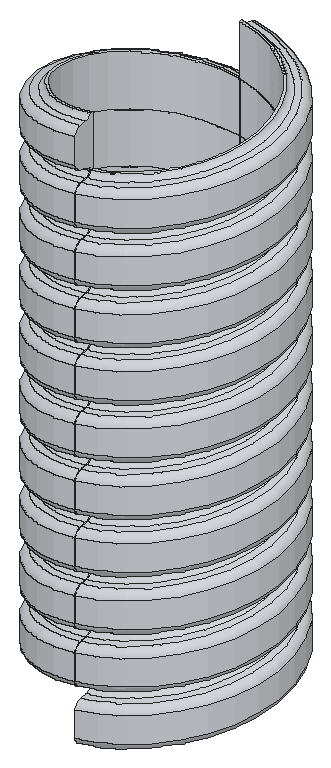
Revit family "110611-00029 Муфта соединительная резьбовая ССД-Пайп 110 мм", category Обобщенные модели, Revit 2019 (continued)
Automatic sketch dimensions
  profile plane to SweptBlend 15 sketch curve = 48.599 mm
  SweptBlend 15 sketch curve to SweptBlend 15 sketch curve = 3.592 mm
  SweptBlend 15 sketch curve to SweptBlend 15 sketch curve = 1.332 mm
  profile plane to SweptBlend 16 sketch curve = 35.16 mm
  SweptBlend 16 sketch curve to SweptBlend 16 sketch curve = 3.951 mm  (x4)
  SweptBlend 16 sketch curve to SweptBlend 16 sketch curve = 0.868 mm
  SweptBlend 16 sketch curve to SweptBlend 16 sketch curve = 4.819 mm  (x3)
  SweptBlend 16 sketch curve to SweptBlend 16 sketch curve = 2.857 mm  (x4)
  SweptBlend 16 sketch curve to SweptBlend 16 sketch curve = 0.608 mm  (x4)
  SweptBlend 16 sketch curve to SweptBlend 16 sketch curve = 3.374 mm  (x4)
  SweptBlend 16 sketch curve to SweptBlend 16 sketch curve = 1.341 mm  (x2)
  profile plane to SweptBlend 16 sketch curve = 48.525 mm
  SweptBlend 16 sketch curve to SweptBlend 16 sketch curve = 0.932 mm
  SweptBlend 16 sketch curve to SweptBlend 16 sketch curve = 0.611 mm  (x4)
  SweptBlend 16 sketch curve to SweptBlend 16 sketch curve = 3.592 mm  (x2)
  SweptBlend 16 sketch curve to SweptBlend 16 sketch curve = 10.901 mm  (x2)
  SweptBlend 16 sketch curve to SweptBlend 16 sketch curve = 1.332 mm  (x2)
  SweptBlend 16 sketch curve to SweptBlend 16 sketch curve = 2.514 mm  (x3)
  profile plane to SweptBlend 16 sketch curve = 33.863 mm
  profile plane to SweptBlend 16 sketch curve = 25.656 mm
  profile plane to SweptBlend 17 sketch curve = 31.209 mm
  SweptBlend 17 sketch curve to SweptBlend 17 sketch curve = 0 mm
  SweptBlend 17 sketch curve to SweptBlend 17 sketch curve = 0.868 mm  (x4)
  SweptBlend 17 sketch curve to SweptBlend 17 sketch curve = 2.857 mm  (x4)
  SweptBlend 17 sketch curve to SweptBlend 17 sketch curve = 0.608 mm  (x4)
  SweptBlend 17 sketch curve to SweptBlend 17 sketch curve = 3.374 mm  (x4)
  SweptBlend 17 sketch curve to SweptBlend 17 sketch curve = 1.341 mm  (x2)
  profile plane to SweptBlend 17 sketch curve = 21.525 mm
  SweptBlend 17 sketch curve to SweptBlend 17 sketch curve = 0.932 mm  (x2)
  SweptBlend 17 sketch curve to SweptBlend 17 sketch curve = 0.611 mm  (x4)
  SweptBlend 17 sketch curve to SweptBlend 17 sketch curve = 4.924 mm  (x2)
  SweptBlend 17 sketch curve to SweptBlend 17 sketch curve = 10.901 mm  (x2)
  SweptBlend 17 sketch curve to SweptBlend 17 sketch curve = 2.514 mm  (x2)
  SweptBlend 17 sketch curve to SweptBlend 17 sketch curve = 4.819 mm
  profile plane to SweptBlend 17 sketch curve = 33.863 mm
  SweptBlend 17 sketch curve to SweptBlend 17 sketch curve = 3.951 mm  (x2)
  profile plane to SweptBlend 17 sketch curve = 48.599 mm
  SweptBlend 17 sketch curve to SweptBlend 17 sketch curve = 3.592 mm
  SweptBlend 17 sketch curve to SweptBlend 17 sketch curve = 1.332 mm
  profile plane to SweptBlend 18 sketch curve = 35.16 mm
  SweptBlend 18 sketch curve to SweptBlend 18 sketch curve = 3.951 mm  (x4)
  SweptBlend 18 sketch curve to SweptBlend 18 sketch curve = 0.868 mm
  SweptBlend 18 sketch curve to SweptBlend 18 sketch curve = 4.819 mm  (x3)
  SweptBlend 18 sketch curve to SweptBlend 18 sketch curve = 2.857 mm  (x4)
  SweptBlend 18 sketch curve to SweptBlend 18 sketch curve = 0.608 mm  (x4)
  SweptBlend 18 sketch curve to SweptBlend 18 sketch curve = 3.374 mm  (x4)
  SweptBlend 18 sketch curve to SweptBlend 18 sketch curve = 1.341 mm  (x2)
  profile plane to SweptBlend 18 sketch curve = 48.525 mm
  SweptBlend 18 sketch curve to SweptBlend 18 sketch curve = 0.932 mm
  SweptBlend 18 sketch curve to SweptBlend 18 sketch curve = 0.611 mm  (x4)
  SweptBlend 18 sketch curve to SweptBlend 18 sketch curve = 3.592 mm  (x2)
  SweptBlend 18 sketch curve to SweptBlend 18 sketch curve = 10.901 mm  (x2)
  SweptBlend 18 sketch curve to SweptBlend 18 sketch curve = 1.332 mm  (x2)
  SweptBlend 18 sketch curve to SweptBlend 18 sketch curve = 2.514 mm  (x3)
  profile plane to SweptBlend 18 sketch curve = 33.863 mm
  profile plane to SweptBlend 18 sketch curve = 25.656 mm
  profile plane to SweptBlend 19 sketch curve = 31.209 mm
  SweptBlend 19 sketch curve to SweptBlend 19 sketch curve = 0 mm
  SweptBlend 19 sketch curve to SweptBlend 19 sketch curve = 0.868 mm  (x4)
  SweptBlend 19 sketch curve to SweptBlend 19 sketch curve = 2.857 mm  (x4)
  SweptBlend 19 sketch curve to SweptBlend 19 sketch curve = 0.608 mm  (x4)
  SweptBlend 19 sketch curve to SweptBlend 19 sketch curve = 3.374 mm  (x4)
  SweptBlend 19 sketch curve to SweptBlend 19 sketch curve = 1.341 mm  (x2)
  profile plane to SweptBlend 19 sketch curve = 21.525 mm
  SweptBlend 19 sketch curve to SweptBlend 19 sketch curve = 0.932 mm  (x2)
  SweptBlend 19 sketch curve to SweptBlend 19 sketch curve = 0.611 mm  (x4)
  SweptBlend 19 sketch curve to SweptBlend 19 sketch curve = 4.924 mm  (x2)
  SweptBlend 19 sketch curve to SweptBlend 19 sketch curve = 10.901 mm  (x2)
  SweptBlend 19 sketch curve to SweptBlend 19 sketch curve = 2.514 mm  (x2)
  SweptBlend 19 sketch curve to SweptBlend 19 sketch curve = 4.819 mm
  profile plane to SweptBlend 19 sketch curve = 33.863 mm
  SweptBlend 19 sketch curve to SweptBlend 19 sketch curve = 3.951 mm  (x2)
  profile plane to SweptBlend 19 sketch curve = 48.599 mm
  SweptBlend 19 sketch curve to SweptBlend 19 sketch curve = 3.592 mm
  SweptBlend 19 sketch curve to SweptBlend 19 sketch curve = 1.332 mm
  profile plane to SweptBlend 20 sketch curve = 35.16 mm
  SweptBlend 20 sketch curve to SweptBlend 20 sketch curve = 3.951 mm  (x4)
  SweptBlend 20 sketch curve to SweptBlend 20 sketch curve = 0.868 mm
  SweptBlend 20 sketch curve to SweptBlend 20 sketch curve = 4.819 mm  (x3)
  SweptBlend 20 sketch curve to SweptBlend 20 sketch curve = 2.857 mm  (x4)
  SweptBlend 20 sketch curve to SweptBlend 20 sketch curve = 0.608 mm  (x4)
  SweptBlend 20 sketch curve to SweptBlend 20 sketch curve = 3.374 mm  (x4)
  SweptBlend 20 sketch curve to SweptBlend 20 sketch curve = 1.341 mm  (x2)
  profile plane to SweptBlend 20 sketch curve = 48.525 mm
  SweptBlend 20 sketch curve to SweptBlend 20 sketch curve = 0.932 mm
  SweptBlend 20 sketch curve to SweptBlend 20 sketch curve = 0.611 mm  (x4)
  SweptBlend 20 sketch curve to SweptBlend 20 sketch curve = 3.592 mm  (x2)
  SweptBlend 20 sketch curve to SweptBlend 20 sketch curve = 10.901 mm  (x2)
  SweptBlend 20 sketch curve to SweptBlend 20 sketch curve = 1.332 mm  (x2)
  SweptBlend 20 sketch curve to SweptBlend 20 sketch curve = 2.514 mm  (x3)
  profile plane to SweptBlend 20 sketch curve = 33.863 mm
  profile plane to SweptBlend 20 sketch curve = 25.656 mm
  profile plane to SweptBlend 21 sketch curve = 31.209 mm
  SweptBlend 21 sketch curve to SweptBlend 21 sketch curve = 0 mm
  SweptBlend 21 sketch curve to SweptBlend 21 sketch curve = 0.868 mm  (x4)
  SweptBlend 21 sketch curve to SweptBlend 21 sketch curve = 2.857 mm  (x4)
  SweptBlend 21 sketch curve to SweptBlend 21 sketch curve = 0.608 mm  (x4)
  SweptBlend 21 sketch curve to SweptBlend 21 sketch curve = 3.374 mm  (x4)
  SweptBlend 21 sketch curve to SweptBlend 21 sketch curve = 1.341 mm  (x2)
  profile plane to SweptBlend 21 sketch curve = 21.525 mm
  SweptBlend 21 sketch curve to SweptBlend 21 sketch curve = 0.932 mm  (x2)
  SweptBlend 21 sketch curve to SweptBlend 21 sketch curve = 0.611 mm  (x4)
  SweptBlend 21 sketch curve to SweptBlend 21 sketch curve = 4.924 mm  (x2)
  SweptBlend 21 sketch curve to SweptBlend 21 sketch curve = 10.901 mm  (x2)
  SweptBlend 21 sketch curve to SweptBlend 21 sketch curve = 2.514 mm  (x2)
  SweptBlend 21 sketch curve to SweptBlend 21 sketch curve = 4.819 mm
  profile plane to SweptBlend 21 sketch curve = 33.863 mm
  SweptBlend 21 sketch curve to SweptBlend 21 sketch curve = 3.951 mm  (x2)
  profile plane to SweptBlend 21 sketch curve = 48.599 mm
  SweptBlend 21 sketch curve to SweptBlend 21 sketch curve = 3.592 mm
  SweptBlend 21 sketch curve to SweptBlend 21 sketch curve = 1.332 mm
  profile plane to SweptBlend 22 sketch curve = 35.16 mm
  SweptBlend 22 sketch curve to SweptBlend 22 sketch curve = 3.951 mm  (x4)
  SweptBlend 22 sketch curve to SweptBlend 22 sketch curve = 0.868 mm
  SweptBlend 22 sketch curve to SweptBlend 22 sketch curve = 4.819 mm  (x3)
  SweptBlend 22 sketch curve to SweptBlend 22 sketch curve = 2.857 mm  (x4)
  SweptBlend 22 sketch curve to SweptBlend 22 sketch curve = 0.608 mm  (x4)
  SweptBlend 22 sketch curve to SweptBlend 22 sketch curve = 3.374 mm  (x4)
  SweptBlend 22 sketch curve to SweptBlend 22 sketch curve = 1.341 mm  (x2)
  profile plane to SweptBlend 22 sketch curve = 48.525 mm
  SweptBlend 22 sketch curve to SweptBlend 22 sketch curve = 0.932 mm
  SweptBlend 22 sketch curve to SweptBlend 22 sketch curve = 0.611 mm  (x4)
  SweptBlend 22 sketch curve to SweptBlend 22 sketch curve = 3.592 mm  (x2)
  SweptBlend 22 sketch curve to SweptBlend 22 sketch curve = 10.901 mm  (x2)
  SweptBlend 22 sketch curve to SweptBlend 22 sketch curve = 1.332 mm  (x2)
  SweptBlend 22 sketch curve to SweptBlend 22 sketch curve = 2.514 mm  (x3)
  profile plane to SweptBlend 22 sketch curve = 33.863 mm
  profile plane to SweptBlend 22 sketch curve = 25.656 mm
